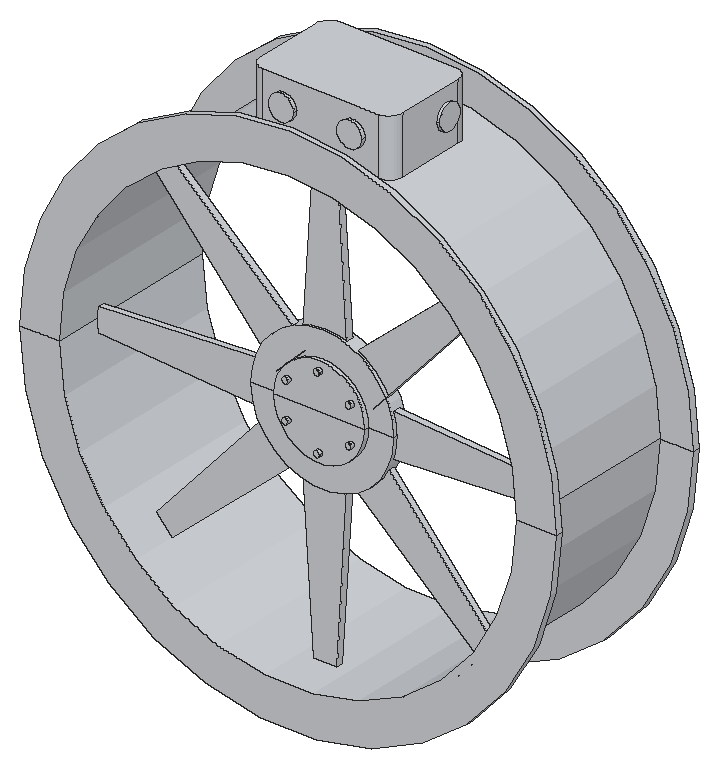
Revit family "CADS_Vent-Axia_MechEquip_Fan_ESC_1Ph6P - EXTRACT", category Mechanical Equipment, Revit 2020
Family settings
  Round Connector Dimension = Use Diameter
  Part Type = Normal
  OmniClass Number = 23.75.00.00
  OmniClass Title = Climate Control (HVAC)
  Work Plane-Based = No
  Always vertical = Yes
  Cut with Voids When Loaded = No
  Shared = No
  Room Calculation Point = No
Parameters (values of type "ESC40016")
  WorkingPressure = 0.0 Pa
  WarrantyStartDate [instance] = "1900-12-31T23:59:59"
  WarrantyPeriod = ""
  WarrantyIdentifier = "N/A"
  WarrantyGuarantorParts = "tech@vent-axia.com"
  WarrantyGuarantorLabor = "tech@vent-axia.com"
  WarrantyGuarantor = "Vent-Axia Limited"
  WarrantyEndDate [instance] = "1900-12-31T23:59:59"
  WarrantyContent = ""
  TemperatureRange = ""
  TagNumber [instance] = "N/A"
  SustainabilityPerformance = ""
  Status = "New"
  Size = ""
  Shape = ""
  ServiceLifeType = ""
  ServiceLifeDuration = ""
  SerialNumber [instance] = "N/A"
  ReplacementCost = ""
  RatedVoltage = 0 V
  RatedCurrent = 0 A
  Quantity = 1
  ProductionYear = ""
  PressureCurve = ""
  PowerFactor = ""
  PointOfContact = ""
  NumberOfPoles = 0
  NominalWidth = 400 mm
  NominalLength = 155 mm
  NominalHeight = 400 mm
  NominalFrequencyRange = ""
  NominalDiameter = 400 mm
  ModelReference = "SHORT CASED AXIAL FAN 400DIA 1PH 6 POLE"
  ModelNumber = "ESC40016"
  Material = ""
  ManufacturerE-Mail = "tech@vent-axia.com"
  ManufacturerAddress = "Fleming Way\nCrawley \nRH10 9YX"
  IsExtendedWarranty = no
  InsulationStandardClass = ""
  InstallationDate [instance] = "1900-12-31T23:59:59"
  IfcExportType [instance] = ""
  IfcExportAs = "IfcFanType"
  IP_Code = ""
  HasProtectiveEarth = no
  GrossWeight = 0.00 kg
  Grade = ""
  GlobalTradeItemNumber [instance] = "N/A"
  Fitting Type = "Ignore"
  Finish = ""
  Features = ""
  ExteriorInsulation = no
  ExpectedServiceLife = 0
  Exclusions = ""
  DurationUnit = "Year"
  Default Elevation = 0 mm
  Constituents = ""
  ConductorFunction = ""
  Color = ""
  CodePerformance = ""
  Category = ""
  CADS_Usage = 0
  CADS_Index = 0
  AssetType = "FIXED"
  AssetIdentifier [instance] = "N/A"
  AssemblyPlace = "UNKNOWN"
  ArticleNumber [instance] = "N/A"
  AirflowRateRange = 0.0 L/s
  Air Flow [instance] = 0.0 L/s
  AccessibilityPerformance = ""
Types (6, lengths in mm): name | NominalWidth | NominalLength | NominalHeight | NominalDiameter | ModelReference | ModelNumber
  ESC40016 | 400 | 155 | 400 | 400 | "SHORT CASED AXIAL FAN 400DIA 1PH 6 POLE" | "ESC40016"
  ESC45016 | 450 | 160 | 450 | 450 | "SHORT CASED AXIAL FAN 450DIA 1PH 6 POLE" | "ESC45016"
  ESC50016 | 500 | 166 | 500 | 500 | "SHORT CASED AXIAL FAN 500DIA 1PH 6 POLE" | "ESC50016"
  ESC56016 | 560 | 210 | 560 | 560 | "SHORT CASED AXIAL FAN 560DIA 1PH 6 POLE" | "ESC56016"
  ESC63016B | 630 | 220 | 630 | 630 | "630MM 1PH 6P CASED FAN" | "ESC63016B"
  ESC71016 | 710 | 260 | 710 | 710 | "SHORT CASED AXIAL FAN 710DIA 1PH 6 POLE" | "ESC71016"
Reference planes
  plane 1 "Center (Front/Back)": y = 0
  plane 2: z = 0
  plane 3 "Center (Left/Right)": x = 0
  plane 4: x = -200
  plane 5: x = 200
  plane 6 "F": y = -77.5
  plane 7 "B": y = 77.5
  plane 8: x = -235
  plane 9: y = 72.5
  plane 10: y = -72.5
  plane 11: x = -205
  plane 12: y = -37.5
  plane 13 "top": z = 200
  plane 14: z = -200
Forms (mm)
  Revolve 1, solid
    sketch origin (0, 0, 0) x (1, 0, 0) y (0, 1, 0)
      loop
        line (-235, -77.5) -> (-200, -77.5) -> (-200, 77.5) -> (-235, 77.5) -> (-235, 72.5) -> (-205, 72.5) -> (-205, -72.5) -> (-235, -72.5) -> (-235, -77.5)
      axis (0, 77.5) -> (0, -77.5)
    angle from 0 to 360
Dimensions and locks
  equal spacing: plane 4, plane 3 "Center (Left/Right)", plane 5
  equal spacing: plane 7 "B", plane 1 "Center (Front/Back)", plane 6 "F"
  "NominalLength": plane 7 "B" to plane 6 "F"
  "NominalDiameter": plane 4 to plane 5
  locked: plane 11 to plane 4 at 5
  locked: plane 8 to plane 11 at 30
  locked: plane 6 "F" to plane 10 at 5
  locked: plane 7 "B" to plane 9 at 5
  locked: plane 6 "F" to plane 12 at 40
  equal spacing: plane 13 "top", level, plane 14
  "NominalDiameter": plane 13 "top" to plane 14
  aligned and locked: level to plane 2
  aligned and locked: nested 1 to plane 12
  aligned and locked: plane 1 "Center (Front/Back)" to nested 16
  aligned and locked: plane 3 "Center (Left/Right)" to nested 16
Automatic sketch dimensions
  plane 6 "F" to Revolve 1 sketch curve = 0 mm
  Revolve 1 sketch curve to plane 8 = 0 mm  (x2)
  plane 10 to Revolve 1 sketch curve = 0 mm
  Revolve 1 sketch curve to plane 11 = 0 mm
  Revolve 1 sketch curve to plane 4 = 0 mm
  Revolve 1 sketch curve to plane 3 "Center (Left/Right)" = 0 mm
  plane 1 "Center (Front/Back)" to Revolve 1 sketch curve = 0 mm
  Revolve 1 sketch curve to plane 9 = 0 mm
  Revolve 1 sketch curve to plane 7 "B" = 0 mm
  plane 6 "F" to Revolve 1 sketch curve = 115 mm
Nested families
  nested 1: "Fan for ESC" at (0, -37.5, 0), ND <- "NominalDiameter", type "Fan for ESC"
    with hub 40 mm, ND 400 mm, BoltPCD 32 mm, Bolt Count 6, B_Diam 5 mm
  nested 2: "Bolts" at (27.713, -46.672, -16) x (-0.5, 0, -0.866) z (0, 1, 0), type "Bolts"
    with bd 5 mm
  nested 3: "Bolts" at (0, -46.672, -32) x (-1, 0, 0) z (0, 1, 0), type "Bolts"
    with bd 5 mm
  nested 4: "Bolts" at (-27.713, -46.672, -16) x (-0.5, 0, 0.866) z (0, 1, 0), type "Bolts"
    with bd 5 mm
  nested 5: "Bolts" at (-27.713, -46.672, 16) x (0.5, 0, 0.866) z (0, 1, 0), type "Bolts"
    with bd 5 mm
  nested 6: "Bolts" at (27.713, -46.672, 16) x (0.5, 0, -0.866) z (0, 1, 0), type "Bolts"
    with bd 5 mm
  nested 7: "Bolts" at (0, -46.672, 32) x (1, 0, 0) z (0, 1, 0), type "Bolts"
    with bd 5 mm
  nested 8: "ESC Blade" at (0, -37.5, 0), type "ESC Blade"
    with a 20.00°, HR 40 mm, HD 80 mm, BT 20 mm, BR 160 mm, BH 40 mm, BD 400 mm, BB 40 mm
  nested 9: "ESC Blade" at (0, -37.5, 0) x (0.7071, 0, -0.7071) z (0.7071, 0, 0.7071), type "ESC Blade"
    with a 20.00°, HR 40 mm, HD 80 mm, BT 20 mm, BR 160 mm, BH 40 mm, BD 400 mm, BB 40 mm
  nested 10: "ESC Blade" at (0, -37.5, 0) x (0, 0, -1) z (1, 0, 0), type "ESC Blade"
    with a 20.00°, HR 40 mm, HD 80 mm, BT 20 mm, BR 160 mm, BH 40 mm, BD 400 mm, BB 40 mm
  nested 11: "ESC Blade" at (0, -37.5, 0) x (-0.7071, 0, -0.7071) z (0.7071, 0, -0.7071), type "ESC Blade"
    with a 20.00°, HR 40 mm, HD 80 mm, BT 20 mm, BR 160 mm, BH 40 mm, BD 400 mm, BB 40 mm
  nested 12: "ESC Blade" at (0, -37.5, 0) x (-1, 0, 0) z (0, 0, -1), type "ESC Blade"
    with a 20.00°, HR 40 mm, HD 80 mm, BT 20 mm, BR 160 mm, BH 40 mm, BD 400 mm, BB 40 mm
  nested 13: "ESC Blade" at (0, -37.5, 0) x (-0.7071, 0, -0.7071) z (-0.7071, 0, 0.7071), type "ESC Blade"
    with a 20.00°, HR 40 mm, HD 80 mm, BT 20 mm, BR 160 mm, BH 40 mm, BD 400 mm, BB 40 mm
  nested 14: "ESC Blade" at (0, -37.5, 0) x (0, 0, -1) z (-1, 0, 0), type "ESC Blade"
    with a 20.00°, HR 40 mm, HD 80 mm, BT 20 mm, BR 160 mm, BH 40 mm, BD 400 mm, BB 40 mm
  nested 15: "ESC Blade" at (0, -37.5, 0) x (0.7071, 0, -0.7071) z (-0.7071, 0, -0.7071), type "ESC Blade"
    with a 20.00°, HR 40 mm, HD 80 mm, BT 20 mm, BR 160 mm, BH 40 mm, BD 400 mm, BB 40 mm
  nested 16: "Electrical Connection Box" at (0, 0, 200), type "125x84"
Connectors
  hvac at (0, -77.5, 0), driven by "NominalDiameter", driven by "Air Flow"
    settings: on Revolve 1, index 1, duct flow 0.0 L/s, flow factor 0, pres drop 0.0 Pa, loss coef 0, conn angle 0.00°, conn width 304.8 mm, conn height 304.8 mm, conn diameter 400 mm, duct sys type 2, conn prof type 0, flow config 1, flow direction 1, loss method 0, conn ref index -1, conn util no, is conn primary yes, conn desc ""
  hvac at (0, 77.5, 0), driven by "NominalDiameter", driven by "Air Flow"
    settings: on Revolve 1, index 2, duct flow 0.0 L/s, flow factor 0, pres drop 0.0 Pa, loss coef 0, conn angle 0.00°, conn width 304.8 mm, conn height 304.8 mm, conn diameter 400 mm, duct sys type 3, conn prof type 0, flow config 0, flow direction 2, loss method 0, conn ref index -1, conn util no, is conn primary no, conn desc ""
Definition of nested family "Fan for ESC"
  Parameters (values of type "Fan for ESC")
    hub [instance] = ND / 10  # 56.7 mm
    ND [instance] = 567 mm
    Model = "."
    Default Elevation = 0 mm
    BoltPCD [instance] = hub - (hub * 0.2)  # 45.36 mm
    Bolt Count [instance] = if(hub < 50 mm, 6, 8)  # 8
    B_Diam [instance] = if(hub < 50 mm, 5 mm, 10 mm)  # 10 mm
  Reference planes
    plane 1 "Center (Front/Back)": y = 0
    plane 2: z = 0
    plane 3 "Center (Left/Right)": x = 0
    plane 4 "back": y = 20
    plane 5 "bolts": y = -9.172
    plane 6 "B": z = 56.7
    plane 7: x = -79.287
    plane 8: x = -56.7
    plane 9 "hubface": y = -6.172
  Forms (mm)
    Revolve 1, solid
      sketch origin (0, 0, 0) x (1, 0, 0) y (0, 1, 0)
        loop
          line (0, 20) -> (-56.7, 20) -> (-56.7, 10.504) -> (-79.287, 10.504) -> (-79.287, -2.597) -> (-56.7, -2.597) -> (-56.7, -6.172) -> (0, -6.172) -> (0, 20)
        axis (0, 20) -> (0, -6.172)
      angle from 0 to 360
    Extrusion 2, solid, not visible
      sketch origin (0, -6.347, -4) x (-1, 0, 0) y (0, 0, 1)
        loop
          circle (0, 84) r 5
      from 0 to 3
  Lines and regions (mm)
    symbolic lines
      curve 1: circle (0, -9.172, 0) r 45.36 normal (0, 1, 0)
    model lines, not visible
      curve 2: line (0, -6.347, 85) -> (0, -6.347, 75)
  Dimensions and locks
    "hub": plane 6 "B" to plane 2
    "hub": nested 3 to plane 3 "Center (Left/Right)"
    "hub": nested 4 to plane 3 "Center (Left/Right)"
    "hub": nested 5 to plane 3 "Center (Left/Right)"
    "hub": plane 3 "Center (Left/Right)" to nested 6
    "hub": Revolve 1 sketch curve to Revolve 1 sketch curve
    "hub": plane 3 "Center (Left/Right)" to nested 7
    "hub": plane 3 "Center (Left/Right)" to nested 8
    "hub": plane 3 "Center (Left/Right)" to nested 9
    "hub": plane 8 to plane 3 "Center (Left/Right)"
    plane 7 to plane 8 = 22.587 mm
    diameter of Extrusion 2 sketch curve = 10 mm
    "BoltPCD": radius of curve 1
    "BoltPCD": radius of radial array
    aligned and locked: level to plane 2
    aligned and locked: plane 6 "B" to nested 1
  Automatic sketch dimensions
    Revolve 1 sketch curve to plane 7 = 0 mm
    Revolve 1 sketch curve to plane 8 = 0 mm  (x2)
    Revolve 1 sketch curve to plane 3 "Center (Left/Right)" = 0 mm
    Revolve 1 sketch curve to plane 9 "hubface" = 0 mm
    plane 4 "back" to Revolve 1 sketch curve = 0 mm
    plane 1 "Center (Front/Back)" to Revolve 1 sketch curve = 2.597 mm
    plane 4 "back" to Revolve 1 sketch curve = 9.496 mm
    Revolve 1 sketch curve to Revolve 1 sketch curve = 5 mm
    Revolve 1 sketch curve to plane 4 "back" = 45 mm
    curve 1 to level = 0 mm
    curve 1 to plane 3 "Center (Left/Right)" = 0 mm
  Nested families
    nested 1: "ESC Blade" at (0, 0, 0), BD <- "ND", HD <- "hub", type "ESC Blade"
      with a 20.00°, HR 56.7 mm, HD 113.4 mm, BT 28.35 mm, BR 226.8 mm, BH 40 mm, BD 567 mm, BB 56.7 mm
    nested 2: "ESC Blade" at (0, 0, 755), BD <- "ND", HD <- "hub", type "ESC Blade", not visible
      with a 20.00°, HR 56.7 mm, HD 113.4 mm, BT 28.35 mm, BR 226.8 mm, BH 40 mm, BD 567 mm, BB 56.7 mm
    nested 3: "ESC Blade" at (0, 0, 0) x (0.7071, 0, -0.7071) z (0.7071, 0, 0.7071), BD <- "ND", HD <- "hub", type "ESC Blade"
      with a 20.00°, HR 56.7 mm, HD 113.4 mm, BT 28.35 mm, BR 226.8 mm, BH 40 mm, BD 567 mm, BB 56.7 mm
    nested 4: "ESC Blade" at (0, 0, 0) x (0, 0, -1) z (1, 0, 0), BD <- "ND", HD <- "hub", type "ESC Blade"
      with a 20.00°, HR 56.7 mm, HD 113.4 mm, BT 28.35 mm, BR 226.8 mm, BH 40 mm, BD 567 mm, BB 56.7 mm
    nested 5: "ESC Blade" at (0, 0, 0) x (-0.7071, 0, -0.7071) z (0.7071, 0, -0.7071), BD <- "ND", HD <- "hub", type "ESC Blade"
      with a 20.00°, HR 56.7 mm, HD 113.4 mm, BT 28.35 mm, BR 226.8 mm, BH 40 mm, BD 567 mm, BB 56.7 mm
    nested 6: "ESC Blade" at (0, 0, 0) x (-1, 0, 0) z (0, 0, -1), BD <- "ND", HD <- "hub", type "ESC Blade"
      with a 20.00°, HR 56.7 mm, HD 113.4 mm, BT 28.35 mm, BR 226.8 mm, BH 40 mm, BD 567 mm, BB 56.7 mm
    nested 7: "ESC Blade" at (0, 0, 0) x (-0.7071, 0, -0.7071) z (-0.7071, 0, 0.7071), BD <- "ND", HD <- "hub", type "ESC Blade"
      with a 20.00°, HR 56.7 mm, HD 113.4 mm, BT 28.35 mm, BR 226.8 mm, BH 40 mm, BD 567 mm, BB 56.7 mm
    nested 8: "ESC Blade" at (0, 0, 0) x (0, 0, -1) z (-1, 0, 0), BD <- "ND", HD <- "hub", type "ESC Blade"
      with a 20.00°, HR 56.7 mm, HD 113.4 mm, BT 28.35 mm, BR 226.8 mm, BH 40 mm, BD 567 mm, BB 56.7 mm
    nested 9: "ESC Blade" at (0, 0, 0) x (0.7071, 0, -0.7071) z (-0.7071, 0, -0.7071), BD <- "ND", HD <- "hub", type "ESC Blade"
      with a 20.00°, HR 56.7 mm, HD 113.4 mm, BT 28.35 mm, BR 226.8 mm, BH 40 mm, BD 567 mm, BB 56.7 mm
    nested 10: "Bolts" at (0, -9.172, 45.36) x (1, 0, 0) z (0, 1, 0), bd <- "B_Diam", type "Bolts"
      with bd 10 mm
    nested 11: "Bolts" at (32.074, -9.172, 32.074) x (0.7071, 0, -0.7071) z (0, 1, 0), bd <- "B_Diam", type "Bolts"
      with bd 10 mm
    nested 12: "Bolts" at (-32.074, -9.172, 32.074) x (0.7071, 0, 0.7071) z (0, 1, 0), bd <- "B_Diam", type "Bolts"
      with bd 10 mm
    nested 13: "Bolts" at (-45.36, -9.172, 0) x (0, 0, 1) z (0, 1, 0), bd <- "B_Diam", type "Bolts"
      with bd 10 mm
    nested 14: "Bolts" at (-32.074, -9.172, -32.074) x (-0.7071, 0, 0.7071) z (0, 1, 0), bd <- "B_Diam", type "Bolts"
      with bd 10 mm
    nested 15: "Bolts" at (0, -9.172, -45.36) x (-1, 0, 0) z (0, 1, 0), bd <- "B_Diam", type "Bolts"
      with bd 10 mm
    nested 16: "Bolts" at (32.074, -9.172, -32.074) x (-0.7071, 0, -0.7071) z (0, 1, 0), bd <- "B_Diam", type "Bolts"
      with bd 10 mm
    nested 17: "Bolts" at (45.36, -9.172, 0) x (0, 0, -1) z (0, 1, 0), bd <- "B_Diam", type "Bolts"
      with bd 10 mm
  Definition of nested family "ESC Blade"
    Parameters (values of type "ESC Blade")
      a [instance] = 20.00°
      HR [instance] = HD / 2  # 30 mm
      HD [instance] = BD / 5  # 60 mm
      Default Elevation = 1219.2 mm
      BT [instance] = BD / 20  # 15 mm
      BR [instance] = (BD / 2) - HR  # 120 mm
      BH [instance] = 40 mm
      BD [instance] = 300 mm
      BB [instance] = BD / 10  # 30 mm
    Reference planes
      plane 1 "Center (Front/Back)": y = 0
      plane 2: z = 0
      plane 3 "Center (Left/Right)": x = 0
      plane 4 "Blade Bot": z = 30
      plane 5: x = -15
      plane 6: x = 15
      plane 7: x = -7.5
      plane 8: x = 7.5
    Forms (mm)
      Blend 1, solid
        base sketch origin (0, 0, 30) x (-1, 0, 0) y (0, -1, 0)
          loop
            line (15, 0) -> (-15, 0) -> (-15, -6) -> (15, -6) -> (15, 0)
        top sketch origin (0, 0, 30) x (-1, 0, 0) y (0, -1, 0)
          loop
            line (7.5, -6) -> (7.5, 0) -> (-7.5, 0) -> (-7.5, -6) -> (7.5, -6)
        from 0 to 120 <- "BR"
    Dimensions and locks
      "HR": plane 4 "Blade Bot" to level
      equal spacing: plane 8, plane 3 "Center (Left/Right)", plane 7
      "BT": plane 8 to plane 7
      equal spacing: plane 6, plane 3 "Center (Left/Right)", plane 5
      "BB": plane 6 to plane 5
      aligned and locked: level to plane 2
    Automatic sketch dimensions
      plane 1 "Center (Front/Back)" to Blend 1 sketch curve = 0 mm  (x2)
      Blend 1 sketch curve to plane 6 = 0 mm
      Blend 1 sketch curve to plane 5 = 0 mm
      Blend 1 sketch curve to plane 1 "Center (Front/Back)" = 6 mm  (x2)
      Blend 1 sketch curve to plane 8 = 0 mm
      Blend 1 sketch curve to plane 7 = 0 mm
  Definition of nested family "Bolts"
    Parameters
      bd [instance] = 10 mm
      Default Elevation = 1219.2 mm
    Reference planes
      plane 1 "Center (Front/Back)": y = 0
      plane 2: z = 0
      plane 3 "Center (Left/Right)": x = 0
    Forms (mm)
      Extrusion 1, solid
        sketch origin (0, 0, 0) x (1, 0, 0) y (0, 1, 0)
          loop
            line (-1219.2, 1219.2) -> (-1219.2, -1219.2) -> (1219.2, -1219.2) -> (1219.2, 1219.2) -> (-1219.2, 1219.2)
        from 0 to -304.8
      Extrusion 2, solid
        sketch origin (0, 0, 0) x (1, 0, 0) y (0, 1, 0)
          loop
            circle (0, 0) r 5
        from 0 to 3
    Dimensions and locks
      "bd": diameter of Extrusion 2 sketch curve
      aligned and locked: plane 2 to Extrusion 1
      aligned and locked: level to Extrusion 1
    Automatic sketch dimensions
      Extrusion 1 sketch curve to Extrusion 1 sketch curve = 2438.4 mm  (x2)
      plane 1 "Center (Front/Back)" to Extrusion 2 sketch curve = 0 mm
      Extrusion 2 sketch curve to plane 3 "Center (Left/Right)" = 0 mm
Definition of nested family "Bolts"
  Parameters
    bd [instance] = 10 mm
    Default Elevation = 1219.2 mm
  Reference planes
    plane 1 "Center (Front/Back)": y = 0
    plane 2: z = 0
    plane 3 "Center (Left/Right)": x = 0
  Forms (mm)
    Extrusion 1, solid
      sketch origin (0, 0, 0) x (1, 0, 0) y (0, 1, 0)
        loop
          line (-1219.2, 1219.2) -> (-1219.2, -1219.2) -> (1219.2, -1219.2) -> (1219.2, 1219.2) -> (-1219.2, 1219.2)
      from 0 to -304.8
    Extrusion 2, solid
      sketch origin (0, 0, 0) x (1, 0, 0) y (0, 1, 0)
        loop
          circle (0, 0) r 5
      from 0 to 3
  Dimensions and locks
    "bd": diameter of Extrusion 2 sketch curve
    aligned and locked: plane 2 to Extrusion 1
    aligned and locked: level to Extrusion 1
  Automatic sketch dimensions
    Extrusion 1 sketch curve to Extrusion 1 sketch curve = 2438.4 mm  (x2)
    plane 1 "Center (Front/Back)" to Extrusion 2 sketch curve = 0 mm
    Extrusion 2 sketch curve to plane 3 "Center (Left/Right)" = 0 mm
Definition of nested family "ESC Blade"
  Parameters (values of type "ESC Blade")
    a [instance] = 20.00°
    HR [instance] = HD / 2  # 30 mm
    HD [instance] = BD / 5  # 60 mm
    Default Elevation = 1219.2 mm
    BT [instance] = BD / 20  # 15 mm
    BR [instance] = (BD / 2) - HR  # 120 mm
    BH [instance] = 40 mm
    BD [instance] = 300 mm
    BB [instance] = BD / 10  # 30 mm
  Reference planes
    plane 1 "Center (Front/Back)": y = 0
    plane 2: z = 0
    plane 3 "Center (Left/Right)": x = 0
    plane 4 "Blade Bot": z = 30
    plane 5: x = -15
    plane 6: x = 15
    plane 7: x = -7.5
    plane 8: x = 7.5
  Forms (mm)
    Blend 1, solid
      base sketch origin (0, 0, 30) x (-1, 0, 0) y (0, -1, 0)
        loop
          line (15, 0) -> (-15, 0) -> (-15, -6) -> (15, -6) -> (15, 0)
      top sketch origin (0, 0, 30) x (-1, 0, 0) y (0, -1, 0)
        loop
          line (7.5, -6) -> (7.5, 0) -> (-7.5, 0) -> (-7.5, -6) -> (7.5, -6)
      from 0 to 120 <- "BR"
  Dimensions and locks
    "HR": plane 4 "Blade Bot" to level
    equal spacing: plane 8, plane 3 "Center (Left/Right)", plane 7
    "BT": plane 8 to plane 7
    equal spacing: plane 6, plane 3 "Center (Left/Right)", plane 5
    "BB": plane 6 to plane 5
    aligned and locked: level to plane 2
  Automatic sketch dimensions
    plane 1 "Center (Front/Back)" to Blend 1 sketch curve = 0 mm  (x2)
    Blend 1 sketch curve to plane 6 = 0 mm
    Blend 1 sketch curve to plane 5 = 0 mm
    Blend 1 sketch curve to plane 1 "Center (Front/Back)" = 6 mm  (x2)
    Blend 1 sketch curve to plane 8 = 0 mm
    Blend 1 sketch curve to plane 7 = 0 mm
Definition of nested family "Electrical Connection Box"
  Parameters (values of type "125x84")
    w = 125 mm
    vis grommets = yes
    h = 50 mm
    d = 84 mm
    Default Elevation = 1219.2 mm
  Types (4, lengths in mm): name | w | vis grommets | h | d
    125x84 | 125 | yes | 50 | 84
    165x135 | 165 | no | 50 | 135
    Electrical Connection Box 2 | 165 | no | 0 | 135
    Electrical Connection Box | 125 | no | 0 | 84
  Reference planes
    plane 1 "Center (Front/Back)": y = 0
    plane 2: z = 0
    plane 3 "Center (Left/Right)": x = 0
    plane 4: y = 42
    plane 5: x = 62.5
    plane 6: x = -62.5
    plane 7: y = -42
  Forms (mm)
    Extrusion 1, solid
      sketch origin (0, 0, 0) x (1, 0, 0) y (0, 1, 0)
        loop
          line (-1219.2, 1219.2) -> (-1219.2, -1219.2) -> (1219.2, -1219.2) -> (1219.2, 1219.2) -> (-1219.2, 1219.2)
      from 0 to -304.8
    Extrusion 2, solid
      sketch origin (-62.5, -42, 0) x (1, 0, 0) y (0, 1, 0)
        loop
          arc (12, 84) -> (3.515, 80.485) -> (0, 72) r 12
          line (0, 72) -> (0, 12)
          arc (0, 12) -> (3.515, 3.515) -> (12, 0) r 12
          line (12, 0) -> (113, 0)
          arc (113, 0) -> (121.485, 3.515) -> (125, 12) r 12
          line (125, 12) -> (125, 72)
          arc (125, 72) -> (121.485, 80.485) -> (113, 84) r 12
          line (113, 84) -> (12, 84)
      from 0 to 50 <- "h"
    Extrusion 3, solid, visible <- "vis grommets"
      sketch origin (62.5, 43.228, -0.59) x (0, -1, 0) y (0, 0, -1)
        loop
          circle (26.228, -28.09) r 11
      from 0 to 3
    Extrusion 4, solid, visible <- "vis grommets"
      sketch origin (204.495, -42, 22.909) x (-1, 0, 0) y (0, 0, -1)
        loop
          circle (176.995, -4.591) r 11
      from 0 to 3
    Extrusion 5, solid, visible <- "vis grommets"
      sketch origin (144.495, -42, 22.909) x (-1, 0, 0) y (0, 0, -1)
        loop
          circle (176.995, -4.591) r 11
      from 0 to 3
  Dimensions and locks
    "w": plane 6 to plane 5
    equal spacing: plane 6, plane 3 "Center (Left/Right)", plane 5
    "d": plane 4 to plane 7
    equal spacing: plane 4, plane 1 "Center (Front/Back)", plane 7
    aligned and locked: plane 2 to Extrusion 1
    aligned and locked: level to Extrusion 1
  Automatic sketch dimensions
    Extrusion 1 sketch curve to Extrusion 1 sketch curve = 2438.4 mm  (x2)
    Extrusion 2 sketch curve to plane 6 = 0 mm
    plane 7 to Extrusion 2 sketch curve = 0 mm
    Extrusion 2 sketch curve to plane 4 = 0 mm
    Extrusion 2 sketch curve to plane 5 = 0 mm
    Extrusion 2 sketch curve to plane 6 = 12 mm
    Extrusion 2 sketch curve to plane 4 = 12 mm  (x2)
    Extrusion 2 sketch curve to plane 5 = 12 mm
    Extrusion 3 sketch curve to Extrusion 2 = 13 mm
    Extrusion 2 to Extrusion 3 sketch curve = 22.5 mm
    Extrusion 4 sketch curve to Extrusion 2 = 23 mm
    Extrusion 2 to Extrusion 4 sketch curve = 22.5 mm
    Extrusion 2 to Extrusion 5 sketch curve = 18 mm
    Extrusion 2 to Extrusion 5 sketch curve = 22.5 mm
    radius of Extrusion 3 sketch curve = 11 mm
    radius of Extrusion 4 sketch curve = 11 mm
    radius of Extrusion 5 sketch curve = 11 mm
